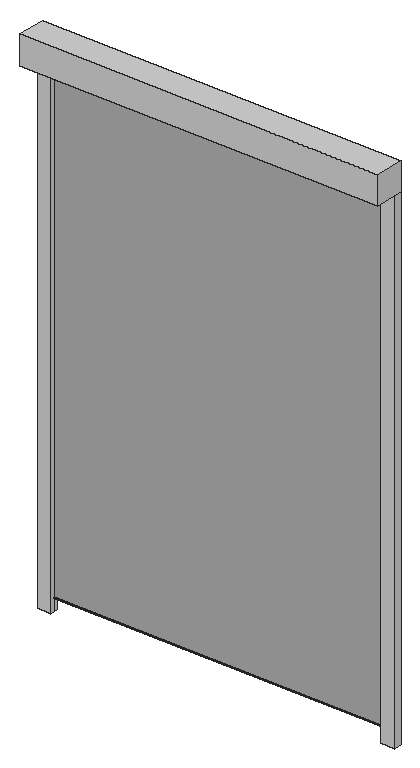
Revit family "UL-10D-DSI-Automatic-Fire-Protective-Smoke-Curtains", category Specialty Equipment, Revit 2023
Family settings
  Round Connector Dimension = Use Diameter
  Part Type = Normal
  OmniClass Number = 23.30.60.17
  OmniClass Title = Fire and Smoke Shutters and Curtains
  Work Plane-Based = Yes
  Enable Cutting in Views = No
  Always vertical = No
  Cut with Voids When Loaded = No
  Maintain Annotation Orientation = No
  Shared = No
  Room Calculation Point = No
Parameters (values of type "Single Roller")
  Unit Width [instance] = Clear Opening Width + (0' 4" * 2)  # 8' - 8"
  Unit Height [instance] = Clear Opening Height + Header Height  # 12' - 8 1/4"
  Unit Depth [instance] = if(1 = 1, Header Depth, 0' 0")  # 0' - 8 1/4"
  URL = "http://www.doorsysinc.com/"
  Specification = "https://www.arcat.com/company/door-systems-50183/spec"
  SingleRollerHeaderCalc [instance] = if(Clear Opening Height < 9' 10", 0' 7 1/2", if(Clear Opening Height < 26' 3", 0' 8 1/4", if(Clear Opening Height < 39' 4", 0' 10", 0' 11 7/8")))  # 0' - 8 1/4"
  Single Roller = yes
  Side by Side HeaderWidth [instance] = if(or(Clear Opening Height < 9' 10", Clear Opening Height = 9' 10"), 1' 0 5/8", if(and(Clear Opening Height > 9' 10", Clear Opening Height < 23' 0"), 1' 2 1/2", if(and(Clear Opening Height > 1' 11", Clear Opening Height < 39' 4"), 1' 6 7/8", 1' 6 7/8")))  # 1' - 2 1/2"
  Side by Side Header Height [instance] = Header Height  # 0' - 8 1/4"
  Product Page URL = "https://www.arcat.com/company/door-systems-50183"
  Over/Under Width [instance] = Header Depth  # 0' - 8 1/4"
  Over/Under Header Height [instance] = if(or(Clear Opening Height < 9' 10", Clear Opening Height = 9' 10"), 1' 1 3/4", if(and(Clear Opening Height > 9' 10", Clear Opening Height < 23' 0"), 1' 3 3/8", if(and(Clear Opening Height > 1' 11", Clear Opening Height < 39' 4"), 1' 7 5/8", 1' 7 5/8")))  # 1' - 3 3/8"
  Multiple Roller Side by Side = no
  Multiple Roller Over Under = no
  MultiRollerSBSHeaderCalcH [instance] = if(Clear Opening Height < 9' 10", 0' 8 1/4", if(Clear Opening Height < 26' 3", 0' 10", if(Clear Opening Height < 39' 4", 0' 10 1/2", 0' 11 7/8")))  # 0' - 10"
  MultiRollerSBSHeaderCalcD [instance] = if(Clear Opening Height < 9' 10", 1' 0 1/4", if(Clear Opening Height < 26' 3", 0' 11 3/8", if(Clear Opening Height < 39' 4", 0' 11 3/8", 1' 9 1/4")))  # 0' - 11 3/8"
  MultiRollerSBSControl [instance] = if(Multiple Roller Side by Side, (MultiRollerSBSHeaderCalcD / 2) - 0' 1", 0' 0")  # 0' - 0"
  MultiRollerOUHeaderCalcH [instance] = if(Clear Opening Height < 9' 10", 0' 11 3/8", if(Clear Opening Height < 26' 3", 0' 11 3/8", if(Clear Opening Height < 39' 4", 0' 11 3/8", 1' 9 1/4")))  # 0' - 11 3/8"
  MultiRollerOUHeaderCalcD [instance] = if(Clear Opening Height < 9' 10", 0' 7 1/2", if(Clear Opening Height < 26' 3", 0' 8 1/4", if(Clear Opening Height < 39' 4", 0' 10", 0' 11 7/8")))  # 0' - 8 1/4"
  Mounting Method [instance] = "as Specified"
  Model = "as Specified"
  Maximum Size = "14 ft Wide. Heights Above 10 ft Require Larger Head Clearances"
  Manufacturer = "Door Systems, Inc"
  Keynote = "08 34 85"
  Header Height [instance] = if(or(Clear Opening Height < 9' 10", Clear Opening Height = 9' 10"), 0' 7 1/2", if(and(Clear Opening Height > 9' 10", Clear Opening Height < 23' 0"), 0' 8 1/4", if(and(Clear Opening Height > 1' 11", Clear Opening Height < 39' 4"), 0' 11", 0' 11")))  # 0' - 8 1/4"
  Header Depth [instance] = if(or(Clear Opening Height < 9' 10", Clear Opening Height = 9' 10"), 0' 7 1/2", if(and(Clear Opening Height > 9' 10", Clear Opening Height < 23' 0"), 0' 8 1/4", if(and(Clear Opening Height > 1' 11", Clear Opening Height < 39' 4"), 0' 11", 0' 11")))  # 0' - 8 1/4"
  Frame Finish [instance] = Metal - Steel - Painted
  Fire Performance = "Fire Rating as Specified  ;  UL10B and UL 263 Time Curve"
  Electrical_Voltage = 24 V
  Description = "Door Systems Inc Fire Rated Smoke Curtain - as Specified"
  Default Elevation = 0' - 0"  # constant formula
  Curtain Height [instance] = if(Curtain Closed, Clear Opening Height, 0' 0 1/16")  # 12' - 0"
  Curtain Finish [instance] = Fabric - DoorSystemsInc - Grey Smoke Curtain
  Curtain Closed [instance] = yes
  Copyright = "©Arcat Inc."
  Clear Opening Width [instance] = 8' - 0"
  Clear Opening Height [instance] = 12' - 0"
  CAD Details = "https://www.arcat.com/company/door-systems-50183/cad"
  Available Options [instance] = "as Specified"
  Assembly Code = "D4090"
Types (3): name | Unit Width | Unit Height | Unit Depth | SingleRollerHeaderCalc | Single Roller | Side by Side HeaderWidth | Side by Side Header Height | Over/Under Width | Over/Under Header Height | Multiple Roller Side by Side | Multiple Roller Over Under | MultiRollerSBSHeaderCalcH | MultiRollerSBSHeaderCalcD | MultiRollerSBSControl | MultiRollerOUHeaderCalcD | Header Height | Header Depth | Curtain Height | Clear Opening Width | Clear Opening Height
  Multiple Roller Over Under | 8' - 8" | 9' - 7 1/2" | 0' - 7 1/2" | 0' - 7 1/2" | no | 1' - 0 5/8" | 0' - 7 1/2" | 0' - 7 1/2" | 1' - 1 3/4" | no | yes | 0' - 8 1/4" | 1' - 0 1/4" | 0' - 0" | 0' - 7 1/2" | 0' - 7 1/2" | 0' - 7 1/2" | 9' - 0" | 8' - 0" | 9' - 0"
  Multiple Roller Side by Side | 3' - 8" | 25' - 11" | 0' - 11" | 0' - 8 1/4" | no | 1' - 6 7/8" | 0' - 11" | 0' - 11" | 1' - 7 5/8" | yes | no | 0' - 10" | 0' - 11 3/8" | 0' - 4 11/16" | 0' - 8 1/4" | 0' - 11" | 0' - 11" | 25' - 0" | 3' - 0" | 25' - 0"
  Single Roller | 8' - 8" | 12' - 8 1/4" | 0' - 8 1/4" | 0' - 8 1/4" | yes | 1' - 2 1/2" | 0' - 8 1/4" | 0' - 8 1/4" | 1' - 3 3/8" | no | no | 0' - 10" | 0' - 11 3/8" | 0' - 0" | 0' - 8 1/4" | 0' - 8 1/4" | 0' - 8 1/4" | 12' - 0" | 8' - 0" | 12' - 0"
Reference planes (in)
  plane 1 "Center (Front/Back)": y = 0
  plane 2 "Bottom": z = 3.875
  plane 3 "Center (Left/Right)": x = 0
  plane 4 "Front": y = -8.25
  plane 5 "Left": x = -52
  plane 6 "Right": x = 52
  plane 7 "Top": z = 152.25
  plane 8: x = -48
  plane 9: x = 48
  plane 10: z = 147.875
  plane 11 "Curtain": z = 3.875
  plane 12: x = -49.25
  plane 13: x = 49.25
  plane 14: y = -0.98232
Forms (in)
  Extrusion 1, solid, material "Metal - Steel - Painted" <- "Frame Finish", visible <- "Single Roller"
    sketch origin (0, 0, 0) x (0, 1, 0) y (0, 0, 1)
      loop
        line (0, 152.25) -> (-8.25, 152.25) -> (-8.25, 144) -> (0, 144) -> (0, 152.25)
    from -52 to 52
  Extrusion 2, solid, material "Metal - Steel - Painted" <- "Frame Finish"
    sketch origin (0, 0, 0) x (1, 0, 0) y (0, 1, 0)
      loop
        line (-52, 0) -> (-52, -2) -> (-48, -2) -> (-48, -1.125) -> (-49.25, -1.125) -> (-49.25, -0.875) -> (-48, -0.875) -> (-48, 0) -> (-52, 0)
      loop
        line (52, 0) -> (48, 0) -> (48, -0.875) -> (49.25, -0.875) -> (49.25, -1.125) -> (48, -1.125) -> (48, -2) -> (52, -2) -> (52, 0)
    from 0 to 147.875
  Extrusion 3, solid, material "Metal - Steel - Painted" <- "Frame Finish"
    sketch origin (0, 0, 0) x (0, 1, 0) y (0, 0, 1)
      loop
        line (-0.625, 3.875) -> (-0.625, 4.06188) -> (-1.375, 4.06188) -> (-1.375, 3.875) -> (-0.625, 3.875)
    from -48 to 48
  Extrusion 4, solid, material "Fabric - DoorSystemsInc - Grey Smoke Curtain" <- "Curtain Finish"
    sketch origin (0, 0, 0) x (0, 1, 0) y (0, 0, 1)
      loop
        line (-0.90444, 4.06188) -> (-0.90444, 150.31188) -> (-1.06021, 150.31188) -> (-1.06021, 4.06188) -> (-0.90444, 4.06188)
    from -49.25 to 49.25
  Extrusion 5, solid, material "Metal - Steel - Painted" <- "Frame Finish", visible <- "Multiple Roller Side by Side"
    sketch origin (0, 0, 0) x (0, 1, 0) y (0, 0, 1)
      loop
        line (6.26768, 152.25) -> (-8.23232, 152.25) -> (-8.23232, 144) -> (6.26768, 144) -> (6.26768, 152.25)
    from -52 to 52
  Extrusion 6, solid, material "Metal - Steel - Painted" <- "Frame Finish", visible <- "Multiple Roller Over Under"
    sketch origin (0, 0, 0) x (0, 1, 0) y (0, 0, 1)
      loop
        line (0, 152.25) -> (-8.25, 152.25) -> (-8.25, 136.875) -> (0, 136.875) -> (0, 152.25)
    from -52 to 52
Dimensions and locks (in)
  equal spacing: plane 5 "Left", plane 3 "Center (Left/Right)", plane 6 "Right"
  "Unit Width": plane 5 "Left" to plane 6 "Right"
  "Unit Depth": plane 1 "Center (Front/Back)" to plane 4 "Front"
  "Unit Height": plane 7 "Top" to level
  "Header Height": plane 7 "Top" to Extrusion 1 sketch curve
  "Header Depth": Extrusion 1 sketch curve to plane 1 "Center (Front/Back)"
  equal spacing: plane 8, plane 3 "Center (Left/Right)", plane 9
  "Clear Opening Width": plane 8 to plane 9
  "Clear Opening Height": plane 10 to plane 2 "Bottom"
  "Curtain Height": plane 10 to plane 11 "Curtain"
  locked: Extrusion 3 sketch curve to plane 11 "Curtain" at 0.18688
  locked: Extrusion 4 sketch curve to plane 11 "Curtain" at 0.18688
  locked: plane 10 to Extrusion 4 sketch curve at 2.43688
  locked: plane 12 to plane 8 at 1.25
  locked: plane 9 to plane 13 at 1.25
  Extrusion 1 to Extrusion 1 = 0' - 8 1/4"
  "Side by Side Header Height": Extrusion 5 sketch curve to Extrusion 5 sketch curve
  "Side by Side HeaderWidth": Extrusion 5 sketch curve to Extrusion 5 sketch curve
  "Over/Under Header Height": Extrusion 6 sketch curve to Extrusion 6 sketch curve
  "Over/Under Width": Extrusion 6 sketch curve to Extrusion 6 sketch curve
  equal spacing: Extrusion 5 sketch curve, plane 14, Extrusion 5 sketch curve
  aligned and locked: plane 7 "Top" to Extrusion 1 sketch curve
  aligned and locked: Extrusion 1 to plane 5 "Left"
  aligned and locked: plane 6 "Right" to Extrusion 1
  aligned and locked: Extrusion 2 to plane 10
  aligned and locked: plane 8 to Extrusion 3
  aligned and locked: Extrusion 3 to plane 9
  aligned and locked: plane 11 "Curtain" to Extrusion 3 sketch curve
  aligned and locked: Extrusion 4 to plane 12
  aligned and locked: Extrusion 4 to plane 13
  aligned and locked: plane 1 "Center (Front/Back)" to Extrusion 1 sketch curve
  aligned and locked: Extrusion 5 sketch curve to plane 7 "Top"
  aligned and locked: Extrusion 6 sketch curve to plane 7 "Top"
  aligned and locked: Extrusion 6 to plane 5 "Left"
  aligned and locked: Extrusion 5 to plane 5 "Left"
  aligned and locked: plane 6 "Right" to Extrusion 6
  aligned and locked: plane 6 "Right" to Extrusion 5
  aligned and locked: plane 1 "Center (Front/Back)" to Extrusion 6 sketch curve
Automatic sketch dimensions
  Extrusion 2 sketch curve to plane 5 "Left" = 0' - 0"
  plane 1 "Center (Front/Back)" to Extrusion 2 sketch curve = 0' - 0"  (x2)
  Extrusion 2 sketch curve to plane 6 "Right" = 0' - 0"
  plane 1 "Center (Front/Back)" to Extrusion 2 sketch curve = 0' - 0 7/8"
  plane 5 "Left" to Extrusion 2 sketch curve = 0' - 2 3/4"
  Extrusion 2 sketch curve to Extrusion 2 sketch curve = 0' - 1 1/4"  (x2)
  Extrusion 2 sketch curve to Extrusion 2 sketch curve = 0' - 0"  (x2)
  plane 1 "Center (Front/Back)" to Extrusion 2 sketch curve = 0' - 1 1/8"
  Extrusion 2 sketch curve to plane 6 "Right" = 0' - 4"
  Extrusion 2 sketch curve to Extrusion 2 sketch curve = 0' - 0 7/8"
  Extrusion 2 sketch curve to Extrusion 2 sketch curve = 0' - 1 1/8"
  Extrusion 2 sketch curve to Extrusion 2 sketch curve = 0' - 0 1/4"  (x2)
  plane 1 "Center (Front/Back)" to Extrusion 3 sketch curve = 0' - 1 3/8"
  plane 1 "Center (Front/Back)" to Extrusion 3 sketch curve = 0' - 0 5/8"
  plane 1 "Center (Front/Back)" to Extrusion 4 sketch curve = 0' - 1.06021"
  Extrusion 4 sketch curve to Extrusion 4 sketch curve = 0' - 0.15577"
